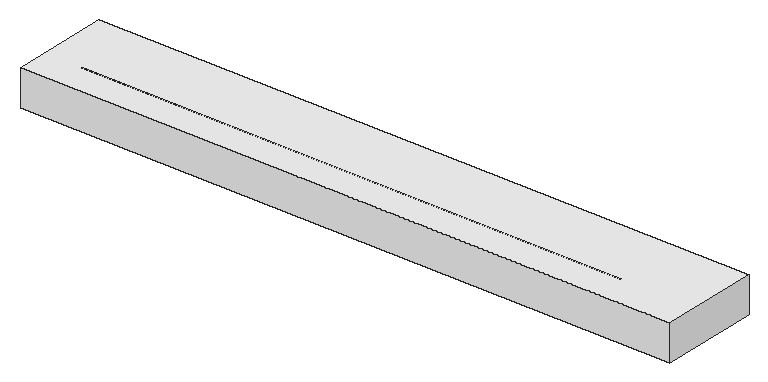
Revit family "Netto LED - Ceiling based", category Lighting Fixtures, host Ceiling, Revit 2014
Parameters (values of type "Netto LED")
  Wattage = 55 W
  WarrantyGuarantorParts = "n/a"
  WarrantyDurationParts = "n/a"
  WarrantyDescription = "n/a"
  built-in parameter 1150110 = 1 (stored number, unit not read)
  Version = "v.1.0"
  Uniclass2 = "Pr_70_70_49_43 Light-Emitting Diode (LED) Luminaires"
  Uniclass 1.4 = "JY73"
  URL = "http://riegens.com/netto-led"
  TotalWattage = "Max. 60W"
  built-in parameter 1114217 = 1 (stored number, unit not read)
  Tilt Angle = 90.00°
  built-in parameter 1150109 = 1 (stored number, unit not read)
  built-in parameter 1150134 = (empty or 0)
  TagNumber = "n/a"
  SustainabilityPerformance = "n/a"
  built-in parameter 1150113 = 1 (stored number, unit not read)
  SupplyCircuitConductorConnections = "n/a"
  Size = "230 x 1530 x 85 mm"
  Shape = "Rectangle"
  ProductInformation = "http://riegens.com/netto-led"
  PhotometricPerformance = "In accordance with BS EN 13032-1"
  Photometric Web File = "Netto LED 55W 3000K Opal.ies"
  PhaseReference = "IEC recommendations"
  Optic = "Direct: White steel reflector and opal diffuser"
  NominalVoltage = "220-240V"
  ModelReference = "Netto LED"
  Model = "Netto LED"
  Material = "Steel and Acrylic (PMMA)"
  ManufacturersSpecificInformation = "n/a"
  ManufacturerURL = "www.riegens.com"
  Manufacturer = "Riegens A/S"
  Lumens = 7425 lm
  LuminaireType = "Direct LED Luminaire"
  LuminairePowerFactor = ">0,9"
  built-in parameter 1150115 = 1 (stored number, unit not read)
  built-in parameter 1150105 = 590.86 (stored number, unit not read)
  LightSource = "LED 3000K (4000K on request)"
  LightFixturePlacingType = "Ceiling"
  LightFixtureMountingType = "Surface"
  built-in parameter 1150137 = (empty or 0)
  built-in parameter 1150139 = (empty or 0)
  LampType = "LED"
  LampRating = "55W"
  LampColourRenderingIndex = "Ra>80 (Ra>90 on request)"
  built-in parameter 1150112 = 1 (stored number, unit not read)
  built-in parameter 1150114 = 1 (stored number, unit not read)
  InternalFuse = "Only required in emergency versions"
  InsulationStandardClass = "Class 1"
  built-in parameter 1150132 = (empty or 0)
  built-in parameter 1150102 = (empty or 0)
  built-in parameter 1150138 = (empty or 0)
  built-in parameter 1150107 = 3000 (stored number, unit not read)
  built-in parameter 1150106 = 5.9086 (stored number, unit not read)
  IfcExportType = "NOTDEFINED'"
  IfcExportAs = "IfcLightFixtureType'"
  IP_Code = "IP20"
  Height 1 = 85.00 mm
  HasProtectiveEarth = "TRUE"
  Grade = "n/a"
  Frame Width = 1530.00 mm
  Frame Depth = 230.00 mm
  Frame = Riegens_Steel_Powder coated white RAL901025
  Finish = "Powder coated"
  Features = "n/a"
  built-in parameter 1150104 = 12.542 (stored number, unit not read)
  Documentation = "See URL hyperlink"
  DocumentReference = "See URL hyperlink"
  Dimming Lamp Color Temperature Shift = <None>
  Description = "70-80-35 General Lighting Systems"
  ControlGearPosition = "Integrated "
  Constituents = "n/a"
  Colour = "White"
  Color Filter = 16777215
  CodePerformance = "n/a"
  CCSTopnode = "L"
  CCSClassName = "Belysningsarmatur"
  CCSClassCode = "UAC"
  BarCode = "n/a"
  BallastsCELMAEnergyEfficiencyIndex = "Class A1/A2"
  built-in parameter 1114218 = 1 (stored number, unit not read)
  BSAB 96 = "SNB.2"
  BIMObjectName = "Netto LED.rfa"
  Author = "3dbyggeri"
  built-in parameter 1150133 = 10 (stored number, unit not read)
  AssetType = "Moveable/Fixed"
  AssetIdentifier = "n/a"
  ArticleNumber = "See URL hyperlink"
  Apparent Load = 240 VA
  AccessibilityPerformance = "n/a"
Reference planes
  plane 1 "Light Source Axis (F/B)": y = 0
  plane 2 "Ceiling": z = 2438.4
  plane 3 "Light Source Axis (L/R)": x = 0
  plane 4 "Light Source Elevation": z = 2396.8
  plane 5: z = 2353.4
  plane 6: y = 115
  plane 7: y = -115
  plane 8: x = -765
  plane 9: x = 765
  plane 10: x = 739.25
  plane 11: x = -739.25
Forms (mm)
  Extrusion 1, solid, material "Riegens_Steel_Powder coated white RAL901025" <- "Frame"
    sketch origin (0, 0, 0) x (0, 1, 0) y (0, 0, 1)
      loop
        line (115, 2438.4) -> (-115, 2438.4) -> (-115, 2353.4) -> (115, 2353.4) -> (115, 2438.4)
    from -765 to 765
  Extrusion 2, void
    sketch origin (0, 0, 0) x (0, 1, 0) y (0, 0, 1)
      loop
        line (110.29, 2333.4) -> (69.5, 2405.66) -> (61.7, 2405.66) -> (61.7, 2395.66)
        arc (61.7, 2395.66) -> (44.2, 2378.16) -> (26.7, 2395.66) r 17.5
        line (26.7, 2395.66) -> (26.7, 2405.66) -> (-26.7, 2405.66) -> (-26.7, 2395.66)
        arc (-26.7, 2395.66) -> (-44.2, 2378.16) -> (-61.7, 2395.66) r 17.5
        line (-61.7, 2395.66) -> (-61.7, 2405.66) -> (-69.5, 2405.66) -> (-110.29, 2333.4) -> (110.29, 2333.4)
    from -739.25 to 739.25
Cuts and joins
  Extrusion 2 cuts Extrusion 1
Dimensions and locks
  equal spacing: host sketch curve, plane 3 "Light Source Axis (L/R)", host sketch curve
  equal spacing: host sketch curve, plane 1 "Light Source Axis (F/B)", host sketch curve
  host sketch curve to host sketch curve = 3048.00 mm  (x2)
  "Height 1": plane 5 to plane 2 "Ceiling"
  "Frame Depth": plane 6 to plane 7
  "Frame Width": plane 9 to plane 8
  equal spacing: plane 9, plane 3 "Light Source Axis (L/R)", plane 8, locked at 765 each
  equal spacing: plane 6, plane 1 "Light Source Axis (F/B)", plane 7, locked at 115 each
  locked: Extrusion 2 sketch curve to plane 5 at 20
  locked: plane 11 to plane 8 at 25.75
  locked: plane 9 to plane 10 at 25.75
  aligned and locked: plane 3 "Light Source Axis (L/R)" to imposter light
  aligned and locked: plane 1 "Light Source Axis (F/B)" to imposter light
  aligned and locked: plane 4 "Light Source Elevation" to imposter light
  aligned and locked: plane 7 to Extrusion 1 sketch curve
  aligned and locked: Extrusion 1 sketch curve to plane 2 "Ceiling"
  aligned and locked: plane 6 to Extrusion 1 sketch curve
  aligned and locked: Extrusion 1 sketch curve to plane 5
  aligned and locked: Extrusion 1 to plane 8
  aligned and locked: plane 9 to Extrusion 1
  aligned and locked: plane 10 to cut or joined group of Extrusion 1, Extrusion 2
  aligned and locked: cut or joined group of Extrusion 1, Extrusion 2 to plane 11
Automatic sketch dimensions
  plane 7 to Extrusion 2 sketch curve = 4.71 mm
  Extrusion 2 sketch curve to plane 4 "Light Source Elevation" = 8.86 mm  (x3)
  plane 7 to Extrusion 2 sketch curve = 45.50 mm
  plane 4 "Light Source Elevation" to Extrusion 2 sketch curve = 1.14 mm  (x2)
  Extrusion 2 sketch curve to Extrusion 2 sketch curve = 7.80 mm  (x2)
  plane 6 to Extrusion 2 sketch curve = 4.71 mm
  Extrusion 2 sketch curve to Extrusion 2 sketch curve = 17.50 mm  (x2)
  Extrusion 2 sketch curve to plane 1 "Light Source Axis (F/B)" = 26.70 mm
Connectors
  electrical at (0, 0, 2438.4)
    settings: on cut or joined group of Extrusion 1, Extrusion 2, index 1, voltage 0 V, apparent load 0 VA, apparent load phase1 0 VA, apparent load phase2 0 VA, apparent load phase3 0 VA, power factor 1, load classification "Other", number of poles 1, system type 31, power factor state 1, is connector primary yes, connector utility no, sub classification motor no, connector description ""
